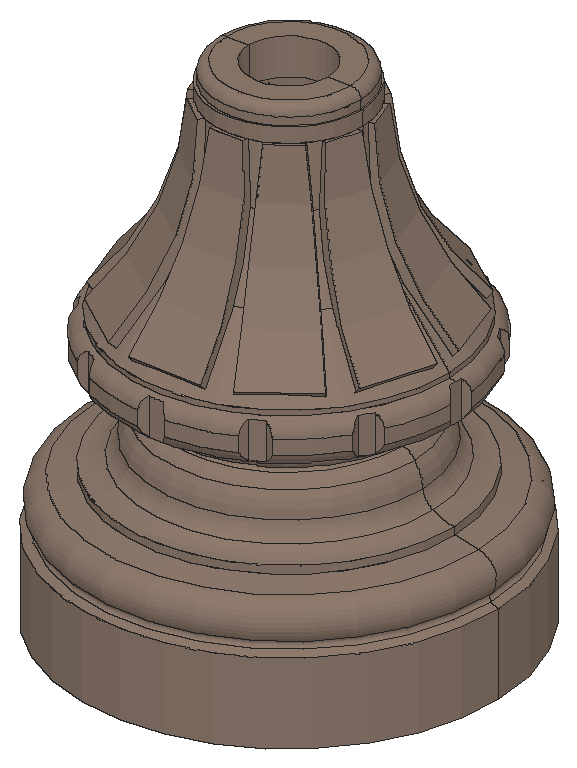
Revit family "CCS1509", category Generic Models, Revit 2014
Parameters
  DETAIL = Bronze, Architectural
  BASE = Bronze, Architectural
Reference planes (in)
  plane 1 "Center (Front/Back)": y = 0
  plane 2: z = 0
  plane 3 "Center (Left/Right)": x = 0
  plane 4: z = 23.28102
  plane 5: z = 14.63774
Forms (in)
  Revolve 1, solid, material "Bronze, Architectural" <- "BASE"
    sketch origin (0, 0, 0) x (1, 0, 0) y (0, 0, 1)
      loop
        arc (-3.25, 25.91268) -> (-3.60355, 25.76623) -> (-3.75, 25.41268) r 0.5
        line (-3.75, 25.41268) -> (-3.75, 25.01268) -> (-3.5, 25.01268) -> (-3.5, 24.01268) -> (-2.09188, 24.01268) -> (-2.09188, 25.91268) -> (-3.25, 25.91268)
      axis (0, 25.91268) -> (0, 24.01268)
    angle from 0 to 360
  Revolve 2, solid, material "Bronze, Architectural" <- "BASE"
    sketch origin (0, 0, 0) x (1, 0, 0) y (0, 0, 1)
      loop
        line (-3.875, 25.01268) -> (-3.875, 24.25018) -> (-4.14275, 21.23884)
        arc (-4.14275, 21.23884) -> (-4.77142, 19.28554) -> (-5.7583, 17.48646) r 10.79665
        arc (-5.7583, 17.48646) -> (-6.98996, 15.84829) -> (-8.37231, 14.33512) r 21.45363
        line (-8.37231, 14.33512) -> (-8.37231, 14.08295)
        arc (-8.37231, 14.08295) -> (-8.8014, 13.81417) -> (-8.97754, 13.33948) r 0.78597
        line (-8.97754, 13.33948) -> (-8.97754, 12.55496)
        arc (-8.97754, 12.55496) -> (-8.57009, 12.0029) -> (-7.92197, 11.77766) r 1.15993
        line (-7.92197, 11.77766) -> (-6.10794, 11.71557) -> (-5.92394, 11.66107)
        arc (-5.92394, 11.66107) -> (-5.82419, 11.45195) -> (-6.00552, 11.30773) r 0.18608
        line (-6.00552, 11.30773) -> (-6.28869, 11.28633)
        arc (-6.28869, 11.28633) -> (-6.6489, 10.92612) -> (-6.28869, 10.5659) r 0.36021
        line (-6.28869, 10.5659) -> (-6.00552, 10.5445)
        arc (-6.00552, 10.5445) -> (-5.87348, 10.48084) -> (-5.81995, 10.34439) r 0.20069
        arc (-5.81995, 10.34439) -> (-5.85301, 10.19913) -> (-5.94567, 10.08248) r 0.33567
        arc (-5.94567, 10.08248) -> (-6.28589, 9.88588) -> (-6.5518, 9.59658) r 1.29976
        arc (-6.5518, 9.59658) -> (-6.84919, 9.05053) -> (-6.97115, 8.44084) r 2.07176
        arc (-6.97115, 8.44084) -> (-7.14379, 7.96728) -> (-7.49251, 7.60334) r 1.22485
        arc (-7.49251, 7.60334) -> (-8.0301, 7.33931) -> (-8.62035, 7.23768) r 2.10133
        line (-8.62035, 7.23768) -> (-8.62035, 6.83788) -> (-9.89778, 6.58751)
        arc (-9.89778, 6.58751) -> (-10.74043, 5.82951) -> (-10.47123, 4.72852) r 1.10407
        arc (-10.47123, 4.72852) -> (-10.41874, 4.55911) -> (-10.52694, 4.41857) r 0.19266
        line (-10.52694, 4.41857) -> (-10.9375, 4.22713) -> (-10.9375, 0) -> (-10.5625, 0) -> (-10.5625, 3.98822)
        arc (-10.5625, 3.98822) -> (-10.06823, 4.3776) -> (-10.20433, 4.99193) r 0.59154
        arc (-10.20433, 4.99193) -> (-10.3821, 5.71897) -> (-9.82565, 6.21951) r 0.72907
        line (-9.82565, 6.21951) -> (-8.25459, 6.52743) -> (-8.25459, 6.89502)
        arc (-8.25459, 6.89502) -> (-7.74533, 7.04322) -> (-7.27867, 7.29527) r 2.50641
        arc (-7.27867, 7.29527) -> (-6.81946, 7.77877) -> (-6.59723, 8.40746) r 1.59985
        arc (-6.59723, 8.40746) -> (-6.4974, 8.92063) -> (-6.24607, 9.37905) r 1.69676
        arc (-6.24607, 9.37905) -> (-6.05678, 9.58909) -> (-5.81226, 9.73106) r 0.91198
        arc (-5.81226, 9.73106) -> (-5.54557, 9.94256) -> (-5.44495, 10.26771) r 0.57569
        line (-5.44495, 10.26771) -> (-5.44495, 11.8265)
        arc (-5.44495, 11.8265) -> (-5.5157, 12.00076) -> (-5.6864, 12.07635) r 0.25
        arc (-5.6864, 12.07635) -> (-6.84204, 12.11394) -> (-7.99731, 12.16139) r 135.39103
        arc (-7.99731, 12.16139) -> (-8.35111, 12.31861) -> (-8.60254, 12.61302) r 0.87564
        line (-8.60254, 12.61302) -> (-8.60254, 13.33352)
        arc (-8.60254, 13.33352) -> (-8.40037, 13.68221) -> (-7.99731, 13.67997) r 0.40177
        line (-7.99731, 13.67997) -> (-7.99731, 14.18)
        arc (-7.99731, 14.18) -> (-6.65149, 15.66918) -> (-5.44815, 17.27568) r 21.82863
        arc (-5.44815, 17.27568) -> (-4.42222, 19.14834) -> (-3.77132, 21.18198) r 11.17165
        line (-3.77132, 21.18198) -> (-3.5, 24.25018) -> (-3.5, 25.01268) -> (-3.875, 25.01268)
      axis (0, 25.01268) -> (0, 0)
    angle from 0 to 360
  SweptBlend 3, solid, material "Bronze, Architectural" <- "DETAIL"
    path origin (0, 0.34375, 0) x (0, 1, 0) y (0, 0, 1)
      loop
        arc (-3.90775, 24.25373) -> (-5.04323, 19.03494) -> (-8.07469, 14.63774) r 13.80458
    profile origin (0, -3.564, 24.25373) x (0, 0.999809, -0.01956) y (1, 0, 0)
      loop
        line (0, 0) -> (0, 0.875) -> (-0.5, 0.875) -> (-0.5, -0.875) -> (0, -0.875) -> (0, 0)
    end profile origin (0, -7.73094, 14.63774) x (0, 0.697957, -0.71614) y (1, 0, 0)
      loop
        line (0, 0) -> (0, 1.875) -> (-0.5, 1.875) -> (-0.5, -1.875) -> (0, -1.875) -> (0, 0)
  SweptBlend 4, solid, material "Bronze, Architectural" <- "DETAIL"
    path origin (0, -0.34375, 0) x (0, -1, 0) y (0, 0, 1)
      loop
        arc (-3.90775, 24.25373) -> (-5.04323, 19.03494) -> (-8.07469, 14.63774) r 13.80458
    profile origin (0, 3.564, 24.25373) x (0, -0.999809, -0.01956) y (-1, 0, 0)
      loop
        line (0, 0) -> (0, 0.875) -> (-0.5, 0.875) -> (-0.5, -0.875) -> (0, -0.875) -> (0, 0)
    end profile origin (0, 7.73094, 14.63774) x (0, -0.697957, -0.71614) y (-1, 0, 0)
      loop
        line (0, 0) -> (0, 1.875) -> (-0.5, 1.875) -> (-0.5, -1.875) -> (0, -1.875) -> (0, 0)
  SweptBlend 5, solid, material "Bronze, Architectural" <- "DETAIL"
    path origin (-0.20205, 0.2781, 0) x (-0.587785, 0.809017, 0) y (0, 0, 1)
      loop
        arc (-3.90775, 24.25373) -> (-5.04323, 19.03494) -> (-8.07469, 14.63774) r 13.80458
    profile origin (2.09487, -2.88334, 24.25373) x (-0.587673, 0.808862, -0.01956) y (0.809017, 0.587785, 0)
      loop
        line (0, 0) -> (0, 0.875) -> (-0.5, 0.875) -> (-0.5, -0.875) -> (0, -0.875) -> (0, 0)
    end profile origin (4.54414, -6.25447, 14.63774) x (-0.410249, 0.564659, -0.71614) y (0.809017, 0.587785, 0)
      loop
        line (0, 0) -> (0, 1.875) -> (-0.5, 1.875) -> (-0.5, -1.875) -> (0, -1.875) -> (0, 0)
  SweptBlend 6, solid, material "Bronze, Architectural" <- "DETAIL"
    path origin (0.20205, -0.2781, 0) x (0.587785, -0.809017, 0) y (0, 0, 1)
      loop
        arc (-3.90775, 24.25373) -> (-5.04323, 19.03494) -> (-8.07469, 14.63774) r 13.80458
    profile origin (-2.09487, 2.88334, 24.25373) x (0.587673, -0.808862, -0.01956) y (-0.809017, -0.587785, 0)
      loop
        line (0, 0) -> (0, 0.875) -> (-0.5, 0.875) -> (-0.5, -0.875) -> (0, -0.875) -> (0, 0)
    end profile origin (-4.54414, 6.25447, 14.63774) x (0.410249, -0.564659, -0.71614) y (-0.809017, -0.587785, 0)
      loop
        line (0, 0) -> (0, 1.875) -> (-0.5, 1.875) -> (-0.5, -1.875) -> (0, -1.875) -> (0, 0)
  SweptBlend 7, solid, material "Bronze, Architectural" <- "DETAIL"
    path origin (-0.32693, 0.10622, 0) x (-0.951057, 0.309017, 0) y (0, 0, 1)
      loop
        arc (-3.90775, 24.25373) -> (-5.04323, 19.03494) -> (-8.07469, 14.63774) r 13.80458
    profile origin (3.38957, -1.10134, 24.25373) x (-0.950875, 0.308958, -0.01956) y (0.309017, 0.951057, 0)
      loop
        line (0, 0) -> (0, 0.875) -> (-0.5, 0.875) -> (-0.5, -0.875) -> (0, -0.875) -> (0, 0)
    end profile origin (7.35256, -2.38899, 14.63774) x (-0.663796, 0.215681, -0.71614) y (0.309017, 0.951057, 0)
      loop
        line (0, 0) -> (0, 1.875) -> (-0.5, 1.875) -> (-0.5, -1.875) -> (0, -1.875) -> (0, 0)
  SweptBlend 8, solid, material "Bronze, Architectural" <- "DETAIL"
    path origin (0.32693, -0.10622, 0) x (0.951057, -0.309017, 0) y (0, 0, 1)
      loop
        arc (-3.90775, 24.25373) -> (-5.04323, 19.03494) -> (-8.07469, 14.63774) r 13.80458
    profile origin (-3.38957, 1.10134, 24.25373) x (0.950875, -0.308958, -0.01956) y (-0.309017, -0.951057, 0)
      loop
        line (0, 0) -> (0, 0.875) -> (-0.5, 0.875) -> (-0.5, -0.875) -> (0, -0.875) -> (0, 0)
    end profile origin (-7.35256, 2.38899, 14.63774) x (0.663796, -0.215681, -0.71614) y (-0.309017, -0.951057, 0)
      loop
        line (0, 0) -> (0, 1.875) -> (-0.5, 1.875) -> (-0.5, -1.875) -> (0, -1.875) -> (0, 0)
  SweptBlend 9, solid, material "Bronze, Architectural" <- "DETAIL"
    path origin (-0.32693, -0.10622, 0) x (-0.951057, -0.309017, 0) y (0, 0, 1)
      loop
        arc (-3.90775, 24.25373) -> (-5.04323, 19.03494) -> (-8.07469, 14.63774) r 13.80458
    profile origin (3.38957, 1.10134, 24.25373) x (-0.950875, -0.308958, -0.01956) y (-0.309017, 0.951057, 0)
      loop
        line (0, 0) -> (0, 0.875) -> (-0.5, 0.875) -> (-0.5, -0.875) -> (0, -0.875) -> (0, 0)
    end profile origin (7.35256, 2.38899, 14.63774) x (-0.663796, -0.215681, -0.71614) y (-0.309017, 0.951057, 0)
      loop
        line (0, 0) -> (0, 1.875) -> (-0.5, 1.875) -> (-0.5, -1.875) -> (0, -1.875) -> (0, 0)
  SweptBlend 10, solid, material "Bronze, Architectural" <- "DETAIL"
    path origin (0.32693, 0.10622, 0) x (0.951057, 0.309017, 0) y (0, 0, 1)
      loop
        arc (-3.90775, 24.25373) -> (-5.04323, 19.03494) -> (-8.07469, 14.63774) r 13.80458
    profile origin (-3.38957, -1.10134, 24.25373) x (0.950875, 0.308958, -0.01956) y (0.309017, -0.951057, 0)
      loop
        line (0, 0) -> (0, 0.875) -> (-0.5, 0.875) -> (-0.5, -0.875) -> (0, -0.875) -> (0, 0)
    end profile origin (-7.35256, -2.38899, 14.63774) x (0.663796, 0.215681, -0.71614) y (0.309017, -0.951057, 0)
      loop
        line (0, 0) -> (0, 1.875) -> (-0.5, 1.875) -> (-0.5, -1.875) -> (0, -1.875) -> (0, 0)
  SweptBlend 11, solid, material "Bronze, Architectural" <- "DETAIL"
    path origin (-0.20205, -0.2781, 0) x (-0.587785, -0.809017, 0) y (0, 0, 1)
      loop
        arc (-3.90775, 24.25373) -> (-5.04323, 19.03494) -> (-8.07469, 14.63774) r 13.80458
    profile origin (2.09487, 2.88334, 24.25373) x (-0.587673, -0.808862, -0.01956) y (-0.809017, 0.587785, 0)
      loop
        line (0, 0) -> (0, 0.875) -> (-0.5, 0.875) -> (-0.5, -0.875) -> (0, -0.875) -> (0, 0)
    end profile origin (4.54414, 6.25447, 14.63774) x (-0.410249, -0.564659, -0.71614) y (-0.809017, 0.587785, 0)
      loop
        line (0, 0) -> (0, 1.875) -> (-0.5, 1.875) -> (-0.5, -1.875) -> (0, -1.875) -> (0, 0)
  SweptBlend 12, solid, material "Bronze, Architectural" <- "DETAIL"
    path origin (0.20205, 0.2781, 0) x (0.587785, 0.809017, 0) y (0, 0, 1)
      loop
        arc (-3.90775, 24.25373) -> (-5.04323, 19.03494) -> (-8.07469, 14.63774) r 13.80458
    profile origin (-2.09487, -2.88334, 24.25373) x (0.587673, 0.808862, -0.01956) y (0.809017, -0.587785, 0)
      loop
        line (0, 0) -> (0, 0.875) -> (-0.5, 0.875) -> (-0.5, -0.875) -> (0, -0.875) -> (0, 0)
    end profile origin (-4.54414, -6.25447, 14.63774) x (0.410249, 0.564659, -0.71614) y (0.809017, -0.587785, 0)
      loop
        line (0, 0) -> (0, 1.875) -> (-0.5, 1.875) -> (-0.5, -1.875) -> (0, -1.875) -> (0, 0)
  Extrusion 13, void
    sketch origin (0, 0, 0) x (1, 0, 0) y (0, 0, 1)
      loop
        line (0, 13.98207) -> (-0.375, 13.98207) -> (-0.375, 11.82925) -> (0, 11.82925) -> (0.375, 11.82925) -> (0.375, 13.98207) -> (0, 13.98207)
    from 8.6306 to 9.00951
  Extrusion 14, void
    sketch origin (0, 0, 0) x (1, 0, 0) y (0, 1, 0)
      loop
        line (0.375, -8.6306) -> (0.375, -8.9697) -> (0.71411, -8.9697) -> (0.375, -8.6306)
      loop
        line (-0.375, -8.6306) -> (-0.71411, -8.9697) -> (-0.375, -8.9697) -> (-0.375, -8.6306)
    from 11.82925 to 13.98207
  Extrusion 15, void
    sketch origin (0, 0, 0) x (-1, 0, 0) y (0, 0, 1)
      loop
        line (0, 13.98207) -> (-0.375, 13.98207) -> (-0.375, 11.82925) -> (0, 11.82925) -> (0.375, 11.82925) -> (0.375, 13.98207) -> (0, 13.98207)
    from 8.6306 to 9.00951
  Extrusion 16, void
    sketch origin (0, 0, 0) x (-1, 0, 0) y (0, -1, 0)
      loop
        line (0.375, -8.6306) -> (0.375, -8.9697) -> (0.71411, -8.9697) -> (0.375, -8.6306)
      loop
        line (-0.375, -8.6306) -> (-0.71411, -8.9697) -> (-0.375, -8.9697) -> (-0.375, -8.6306)
    from 11.82925 to 13.98207
  Extrusion 17, void
    sketch origin (0, 0, 0) x (0.866025, 0.5, 0) y (0, 0, 1)
      loop
        line (0, 13.98207) -> (-0.375, 13.98207) -> (-0.375, 11.82925) -> (0, 11.82925) -> (0.375, 11.82925) -> (0.375, 13.98207) -> (0, 13.98207)
    from 8.6306 to 9.00951
  Extrusion 18, void
    sketch origin (0, 0, 0) x (0.866025, 0.5, 0) y (-0.5, 0.866025, 0)
      loop
        line (0.375, -8.6306) -> (0.375, -8.9697) -> (0.71411, -8.9697) -> (0.375, -8.6306)
      loop
        line (-0.375, -8.6306) -> (-0.71411, -8.9697) -> (-0.375, -8.9697) -> (-0.375, -8.6306)
    from 11.82925 to 13.98207
  Extrusion 19, void
    sketch origin (0, 0, 0) x (-0.866025, -0.5, 0) y (0, 0, 1)
      loop
        line (0, 13.98207) -> (-0.375, 13.98207) -> (-0.375, 11.82925) -> (0, 11.82925) -> (0.375, 11.82925) -> (0.375, 13.98207) -> (0, 13.98207)
    from 8.6306 to 9.00951
  Extrusion 20, void
    sketch origin (0, 0, 0) x (-0.866025, -0.5, 0) y (0.5, -0.866025, 0)
      loop
        line (0.375, -8.6306) -> (0.375, -8.9697) -> (0.71411, -8.9697) -> (0.375, -8.6306)
      loop
        line (-0.375, -8.6306) -> (-0.71411, -8.9697) -> (-0.375, -8.9697) -> (-0.375, -8.6306)
    from 11.82925 to 13.98207
  Extrusion 21, void
    sketch origin (0, 0, 0) x (0.5, 0.866025, 0) y (0, 0, 1)
      loop
        line (0, 13.98207) -> (-0.375, 13.98207) -> (-0.375, 11.82925) -> (0, 11.82925) -> (0.375, 11.82925) -> (0.375, 13.98207) -> (0, 13.98207)
    from 8.6306 to 9.00951
  Extrusion 22, void
    sketch origin (0, 0, 0) x (0.5, 0.866025, 0) y (-0.866025, 0.5, 0)
      loop
        line (0.375, -8.6306) -> (0.375, -8.9697) -> (0.71411, -8.9697) -> (0.375, -8.6306)
      loop
        line (-0.375, -8.6306) -> (-0.71411, -8.9697) -> (-0.375, -8.9697) -> (-0.375, -8.6306)
    from 11.82925 to 13.98207
  Extrusion 23, void
    sketch origin (0, 0, 0) x (-0.5, -0.866025, 0) y (0, 0, 1)
      loop
        line (0, 13.98207) -> (-0.375, 13.98207) -> (-0.375, 11.82925) -> (0, 11.82925) -> (0.375, 11.82925) -> (0.375, 13.98207) -> (0, 13.98207)
    from 8.6306 to 9.00951
  Extrusion 24, void
    sketch origin (0, 0, 0) x (-0.5, -0.866025, 0) y (0.866025, -0.5, 0)
      loop
        line (0.375, -8.6306) -> (0.375, -8.9697) -> (0.71411, -8.9697) -> (0.375, -8.6306)
      loop
        line (-0.375, -8.6306) -> (-0.71411, -8.9697) -> (-0.375, -8.9697) -> (-0.375, -8.6306)
    from 11.82925 to 13.98207
  Extrusion 25, void
    sketch origin (0, 0, 0) x (0, 1, 0) y (0, 0, 1)
      loop
        line (0, 13.98207) -> (-0.375, 13.98207) -> (-0.375, 11.82925) -> (0, 11.82925) -> (0.375, 11.82925) -> (0.375, 13.98207) -> (0, 13.98207)
    from 8.6306 to 9.00951
  Extrusion 26, void
    sketch origin (0, 0, 0) x (0, 1, 0) y (-1, 0, 0)
      loop
        line (0.375, -8.6306) -> (0.375, -8.9697) -> (0.71411, -8.9697) -> (0.375, -8.6306)
      loop
        line (-0.375, -8.6306) -> (-0.71411, -8.9697) -> (-0.375, -8.9697) -> (-0.375, -8.6306)
    from 11.82925 to 13.98207
  Extrusion 27, void
    sketch origin (0, 0, 0) x (0, -1, 0) y (0, 0, 1)
      loop
        line (0, 13.98207) -> (-0.375, 13.98207) -> (-0.375, 11.82925) -> (0, 11.82925) -> (0.375, 11.82925) -> (0.375, 13.98207) -> (0, 13.98207)
    from 8.6306 to 9.00951
  Extrusion 28, void
    sketch origin (0, 0, 0) x (0, -1, 0) y (1, 0, 0)
      loop
        line (0.375, -8.6306) -> (0.375, -8.9697) -> (0.71411, -8.9697) -> (0.375, -8.6306)
      loop
        line (-0.375, -8.6306) -> (-0.71411, -8.9697) -> (-0.375, -8.9697) -> (-0.375, -8.6306)
    from 11.82925 to 13.98207
  Extrusion 29, void
    sketch origin (0, 0, 0) x (-0.5, 0.866025, 0) y (0, 0, 1)
      loop
        line (0, 13.98207) -> (-0.375, 13.98207) -> (-0.375, 11.82925) -> (0, 11.82925) -> (0.375, 11.82925) -> (0.375, 13.98207) -> (0, 13.98207)
    from 8.6306 to 9.00951
  Extrusion 30, void
    sketch origin (0, 0, 0) x (-0.5, 0.866025, 0) y (-0.866025, -0.5, 0)
      loop
        line (0.375, -8.6306) -> (0.375, -8.9697) -> (0.71411, -8.9697) -> (0.375, -8.6306)
      loop
        line (-0.375, -8.6306) -> (-0.71411, -8.9697) -> (-0.375, -8.9697) -> (-0.375, -8.6306)
    from 11.82925 to 13.98207
  Extrusion 31, void
    sketch origin (0, 0, 0) x (0.5, -0.866025, 0) y (0, 0, 1)
      loop
        line (0, 13.98207) -> (-0.375, 13.98207) -> (-0.375, 11.82925) -> (0, 11.82925) -> (0.375, 11.82925) -> (0.375, 13.98207) -> (0, 13.98207)
    from 8.6306 to 9.00951
  Extrusion 32, void
    sketch origin (0, 0, 0) x (0.5, -0.866025, 0) y (0.866025, 0.5, 0)
      loop
        line (0.375, -8.6306) -> (0.375, -8.9697) -> (0.71411, -8.9697) -> (0.375, -8.6306)
      loop
        line (-0.375, -8.6306) -> (-0.71411, -8.9697) -> (-0.375, -8.9697) -> (-0.375, -8.6306)
    from 11.82925 to 13.98207
  Extrusion 33, void
    sketch origin (0, 0, 0) x (-0.866025, 0.5, 0) y (0, 0, 1)
      loop
        line (0, 13.98207) -> (-0.375, 13.98207) -> (-0.375, 11.82925) -> (0, 11.82925) -> (0.375, 11.82925) -> (0.375, 13.98207) -> (0, 13.98207)
    from 8.6306 to 9.00951
  Extrusion 34, void
    sketch origin (0, 0, 0) x (-0.866025, 0.5, 0) y (-0.5, -0.866025, 0)
      loop
        line (0.375, -8.6306) -> (0.375, -8.9697) -> (0.71411, -8.9697) -> (0.375, -8.6306)
      loop
        line (-0.375, -8.6306) -> (-0.71411, -8.9697) -> (-0.375, -8.9697) -> (-0.375, -8.6306)
    from 11.82925 to 13.98207
  Extrusion 35, void
    sketch origin (0, 0, 0) x (0.866025, -0.5, 0) y (0, 0, 1)
      loop
        line (0, 13.98207) -> (-0.375, 13.98207) -> (-0.375, 11.82925) -> (0, 11.82925) -> (0.375, 11.82925) -> (0.375, 13.98207) -> (0, 13.98207)
    from 8.6306 to 9.00951
  Extrusion 36, void
    sketch origin (0, 0, 0) x (0.866025, -0.5, 0) y (0.5, 0.866025, 0)
      loop
        line (0.375, -8.6306) -> (0.375, -8.9697) -> (0.71411, -8.9697) -> (0.375, -8.6306)
      loop
        line (-0.375, -8.6306) -> (-0.71411, -8.9697) -> (-0.375, -8.9697) -> (-0.375, -8.6306)
    from 11.82925 to 13.98207
Cuts and joins
  Extrusion 13, Extrusion 14, Extrusion 15, Extrusion 16, Extrusion 17, Extrusion 18, Extrusion 19, Extrusion 20, Extrusion 21, Extrusion 22, Extrusion 23, Extrusion 24, Extrusion 25, Extrusion 26, Extrusion 27, Extrusion 28, Extrusion 29, Extrusion 30, Extrusion 31, Extrusion 32, Extrusion 33, Extrusion 34, Extrusion 35, Extrusion 36 cuts Revolve 2
Dimensions and locks (in)
  aligned and locked: plane 2 to level
